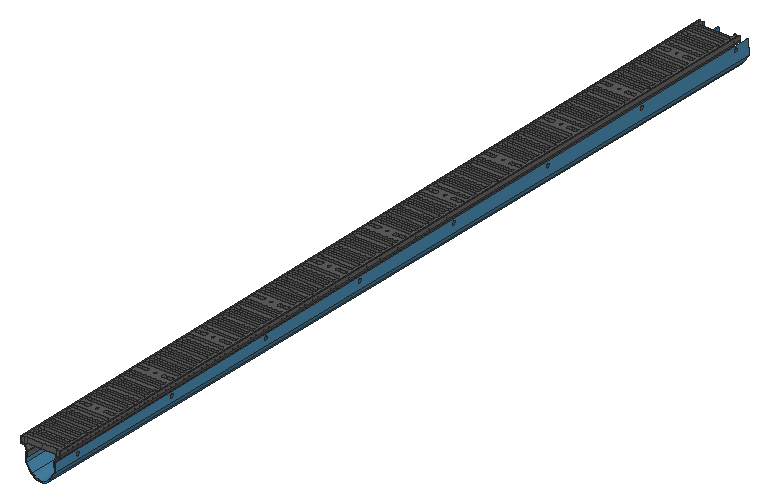
Revit family "Drain_Trench_Polymer_6-Inch_Wide_Reveal-Zurn-ZF806", category Plumbing Fixtures, Revit 2022 (continued)
Definition of nested family "Grate"
  Forms (in)
    Extrusion 114, void
      from 0 to 12
    Extrusion 115, void
      sketch origin (0, 114.69, 0) x (1, 0, 0) y (0, 1, 0)
        loop
          line (-2.18014, -34.89447) -> (2.18014, -34.89447)
          arc (2.18014, -34.89447) -> (2.47864, -34.59597) -> (2.18014, -34.29747) r 0.2985
          line (2.18014, -34.29747) -> (-2.18014, -34.29747)
          arc (-2.18014, -34.29747) -> (-2.47864, -34.59597) -> (-2.18014, -34.89447) r 0.2985
      from 0 to 12
    Extrusion 116, void
      sketch origin (0, 115.66, 0) x (1, 0, 0) y (0, 1, 0)
        loop
          line (-2.18014, -34.89447) -> (2.18014, -34.89447)
          arc (2.18014, -34.89447) -> (2.47864, -34.59597) -> (2.18014, -34.29747) r 0.2985
          line (2.18014, -34.29747) -> (-2.18014, -34.29747)
          arc (-2.18014, -34.29747) -> (-2.47864, -34.59597) -> (-2.18014, -34.89447) r 0.2985
      from 0 to 12
    Extrusion 117, void
      sketch origin (0, 116.63, 0) x (1, 0, 0) y (0, 1, 0)
        loop
          line (-2.18014, -34.89447) -> (2.18014, -34.89447)
          arc (2.18014, -34.89447) -> (2.47864, -34.59597) -> (2.18014, -34.29747) r 0.2985
          line (2.18014, -34.29747) -> (-2.18014, -34.29747)
          arc (-2.18014, -34.29747) -> (-2.47864, -34.59597) -> (-2.18014, -34.89447) r 0.2985
      from 0 to 12
    Extrusion 118, void
      sketch origin (0, 117.6, 0) x (1, 0, 0) y (0, 1, 0)
        loop
          line (-2.18014, -34.89447) -> (2.18014, -34.89447)
          arc (2.18014, -34.89447) -> (2.47864, -34.59597) -> (2.18014, -34.29747) r 0.2985
          line (2.18014, -34.29747) -> (-2.18014, -34.29747)
          arc (-2.18014, -34.29747) -> (-2.47864, -34.59597) -> (-2.18014, -34.89447) r 0.2985
      from 0 to 12
    Extrusion 119, void
      sketch origin (0, 118.57, 0) x (1, 0, 0) y (0, 1, 0)
        loop
          line (-2.18014, -34.89447) -> (2.18014, -34.89447)
          arc (2.18014, -34.89447) -> (2.47864, -34.59597) -> (2.18014, -34.29747) r 0.2985
          line (2.18014, -34.29747) -> (-2.18014, -34.29747)
          arc (-2.18014, -34.29747) -> (-2.47864, -34.59597) -> (-2.18014, -34.89447) r 0.2985
      from 0 to 12
  Cuts and joins
    Extrusion 2, Extrusion 3, Extrusion 4, Extrusion 5, Extrusion 6, Extrusion 7, Extrusion 8, Extrusion 9, Extrusion 10, Extrusion 11, Extrusion 13, Extrusion 14, Extrusion 15, Extrusion 16, Extrusion 17, Extrusion 18, Extrusion 19, Extrusion 20, Extrusion 21, Extrusion 22, Extrusion 23, Extrusion 24, Extrusion 25, Extrusion 26, Extrusion 27, Extrusion 28, Extrusion 29, Extrusion 30, Extrusion 31, Extrusion 32, Extrusion 33, Extrusion 34, Extrusion 35, Extrusion 36, Extrusion 37, Extrusion 38, Extrusion 39, Extrusion 40, Extrusion 41, Extrusion 42, Extrusion 43, Extrusion 44, Extrusion 45, Extrusion 46, Extrusion 47, Extrusion 48, Extrusion 49, Extrusion 50, Extrusion 51, Extrusion 52, Extrusion 53, Extrusion 54, Extrusion 55, Extrusion 56, Extrusion 57, Extrusion 58, Extrusion 59, Extrusion 60, Extrusion 61, Extrusion 62, Extrusion 63, Extrusion 64, Extrusion 65, Extrusion 66, Extrusion 67, Extrusion 68, Extrusion 69, Extrusion 70, Extrusion 71, Extrusion 72, Extrusion 73, Extrusion 74, Extrusion 75, Extrusion 76, Extrusion 77, Extrusion 78, Extrusion 79, Extrusion 80, Extrusion 81, Extrusion 82, Extrusion 83, Extrusion 84, Extrusion 85, Extrusion 86, Extrusion 87, Extrusion 88, Extrusion 89, Extrusion 90, Extrusion 91, Extrusion 92, Extrusion 93, Extrusion 94, Extrusion 95, Extrusion 96, Extrusion 97, Extrusion 98, Extrusion 99, Extrusion 100, Extrusion 101, Extrusion 102, Extrusion 103, Extrusion 104, Extrusion 105, Extrusion 106, Extrusion 107, Extrusion 108, Extrusion 109, Extrusion 110, Extrusion 111, Extrusion 112, Extrusion 113, Extrusion 114, Extrusion 115, Extrusion 116, Extrusion 117, Extrusion 118, Extrusion 119 cuts Extrusion 1
  Dimensions and locks (in)
    equal spacing: Extrusion 1 sketch curve, plane 3 "Center (Left/Right)", Extrusion 1 sketch curve
    locked: Extrusion 1 sketch curve to Extrusion 1 sketch curve at 5.362
    Extrusion 1 sketch curve to Extrusion 1 sketch curve = 0.298"
    plane 6 to plane 4 = 19.940"
    plane 7 to plane 4 = 9.970"
    plane 10 to plane 4 = 120.000"
    equal spacing: plane 10, plane 11, plane 4
    plane 11 to plane 4 = 60.000"
    locked: plane 12 to level at 0.75
    Extrusion 1 to Extrusion 2 sketch curve = 0.433"
    Extrusion 2 sketch curve to Extrusion 2 sketch curve = 0.597"
    Extrusion 3 sketch curve to Extrusion 3 sketch curve = 0.597"
    Extrusion 4 sketch curve to Extrusion 4 sketch curve = 0.597"
    Extrusion 5 sketch curve to Extrusion 5 sketch curve = 0.597"
    Extrusion 6 sketch curve to Extrusion 6 sketch curve = 0.597"
    Extrusion 7 sketch curve to Extrusion 7 sketch curve = 0.597"
    Extrusion 8 sketch curve to Extrusion 8 sketch curve = 0.597"
    Extrusion 9 sketch curve to Extrusion 9 sketch curve = 0.597"
    Extrusion 10 sketch curve to Extrusion 10 sketch curve = 0.597"
    Extrusion 11 sketch curve to cut or joined group 1 (Extrusion 1, Extrusion 2, Extrusion 3, Extrusion 4, Extrusion 5, Extrusion 6, Extrusion 7, Extrusion 8, Extrusion 9, Extrusion 10, Extrusion 11, Extrusion 13, Extrusion 14, Extrusion 15, Extrusion 16, Extrusion 17, Extrusion 18, Extrusion 19, Extrusion 20, Extrusion 21, Extrusion 22, Extrusion 23, Extrusion 24, Extrusion 25, Extrusion 26, Extrusion 27, Extrusion 28, Extrusion 29, Extrusion 30, Extrusion 31, Extrusion 32, Extrusion 33, Extrusion 34, Extrusion 35, Extrusion 36, Extrusion 37, Extrusion 38, Extrusion 39, Extrusion 40, Extrusion 41, Extrusion 42, Extrusion 43, Extrusion 44, Extrusion 45, Extrusion 46, Extrusion 47, Extrusion 48, Extrusion 49, Extrusion 50, Extrusion 51, Extrusion 52, Extrusion 53, Extrusion 54, Extrusion 55, Extrusion 56, Extrusion 57, Extrusion 58, Extrusion 59, Extrusion 60, Extrusion 61, Extrusion 62, Extrusion 63, Extrusion 64, Extrusion 65, Extrusion 66, Extrusion 67, Extrusion 68, Extrusion 69, Extrusion 70, Extrusion 71, Extrusion 72, Extrusion 73, Extrusion 74, Extrusion 75, Extrusion 76, Extrusion 77, Extrusion 78, Extrusion 79, Extrusion 80, Extrusion 81, Extrusion 82, Extrusion 83, Extrusion 84, Extrusion 85, Extrusion 86, Extrusion 87, Extrusion 88, Extrusion 89, Extrusion 90, Extrusion 91, Extrusion 92, Extrusion 93, Extrusion 94, Extrusion 95, Extrusion 96, Extrusion 97, Extrusion 98, Extrusion 99, Extrusion 100, Extrusion 101, Extrusion 102, Extrusion 103, Extrusion 104, Extrusion 105, Extrusion 106, Extrusion 107, Extrusion 108, Extrusion 109, Extrusion 110, Extrusion 111, Extrusion 112, Extrusion 113, Extrusion 114, Extrusion 115, Extrusion 116, Extrusion 117, Extrusion 118, Extrusion 119) = 0.703"
    Extrusion 11 sketch curve to Extrusion 11 sketch curve = 0.597"
    Extrusion 12 sketch curve to Extrusion 12 sketch curve = 0.597"
    Extrusion 13 sketch curve to Extrusion 13 sketch curve = 0.597"
    Extrusion 14 sketch curve to Extrusion 14 sketch curve = 0.597"
    equal spacing: group 3, group 4, group 5, group 6, group 7, group 8, group 9, group 10, group 11  (x3)
    Extrusion 15 sketch curve to Extrusion 15 sketch curve = 0.597"
    Extrusion 16 sketch curve to Extrusion 16 sketch curve = 0.597"
    Extrusion 17 sketch curve to Extrusion 17 sketch curve = 0.597"
    Extrusion 18 sketch curve to Extrusion 18 sketch curve = 0.597"
    Extrusion 19 sketch curve to Extrusion 19 sketch curve = 0.597"
    Extrusion 20 sketch curve to Extrusion 20 sketch curve = 0.597"
    Extrusion 21 sketch curve to Extrusion 21 sketch curve = 0.597"
    Extrusion 22 sketch curve to Extrusion 22 sketch curve = 0.597"
    Extrusion 23 sketch curve to Extrusion 23 sketch curve = 0.597"
    Extrusion 24 sketch curve to Extrusion 24 sketch curve = 0.597"
    equal spacing: group 13, group 14, group 15, group 16, group 17, group 18, group 19, group 20, group 21  (x3)
    Extrusion 25 sketch curve to Extrusion 25 sketch curve = 0.597"
    Extrusion 26 sketch curve to Extrusion 26 sketch curve = 0.597"
    Extrusion 27 sketch curve to Extrusion 27 sketch curve = 0.597"
    Extrusion 28 sketch curve to Extrusion 28 sketch curve = 0.597"
    Extrusion 29 sketch curve to Extrusion 29 sketch curve = 0.597"
    Extrusion 30 sketch curve to Extrusion 30 sketch curve = 0.597"
    Extrusion 31 sketch curve to Extrusion 31 sketch curve = 0.597"
    Extrusion 32 sketch curve to Extrusion 32 sketch curve = 0.597"
    Extrusion 33 sketch curve to Extrusion 33 sketch curve = 0.597"
    Extrusion 34 sketch curve to Extrusion 34 sketch curve = 0.597"
    equal spacing: group 23, group 24, group 25, group 26, group 27, group 28, group 29, group 30, group 31  (x3)
    Extrusion 35 sketch curve to Extrusion 35 sketch curve = 0.597"
    Extrusion 36 sketch curve to Extrusion 36 sketch curve = 0.597"
    Extrusion 37 sketch curve to Extrusion 37 sketch curve = 0.597"
    Extrusion 38 sketch curve to Extrusion 38 sketch curve = 0.597"
    Extrusion 39 sketch curve to Extrusion 39 sketch curve = 0.597"
    Extrusion 40 sketch curve to Extrusion 40 sketch curve = 0.597"
    Extrusion 41 sketch curve to Extrusion 41 sketch curve = 0.597"
    Extrusion 42 sketch curve to Extrusion 42 sketch curve = 0.597"
    Extrusion 43 sketch curve to Extrusion 43 sketch curve = 0.597"
    Extrusion 44 sketch curve to Extrusion 44 sketch curve = 0.597"
    equal spacing: group 33, group 34, group 35, group 36, group 37, group 38, group 39, group 40, group 41  (x3)
    Extrusion 45 sketch curve to Extrusion 45 sketch curve = 0.597"
    Extrusion 46 sketch curve to Extrusion 46 sketch curve = 0.597"
    Extrusion 47 sketch curve to Extrusion 47 sketch curve = 0.597"
    Extrusion 48 sketch curve to Extrusion 48 sketch curve = 0.597"
    Extrusion 49 sketch curve to Extrusion 49 sketch curve = 0.597"
    Extrusion 50 sketch curve to Extrusion 50 sketch curve = 0.597"
    Extrusion 51 sketch curve to Extrusion 51 sketch curve = 0.597"
    Extrusion 52 sketch curve to Extrusion 52 sketch curve = 0.597"
    Extrusion 53 sketch curve to Extrusion 53 sketch curve = 0.597"
    Extrusion 54 sketch curve to Extrusion 54 sketch curve = 0.597"
    equal spacing: group 43, group 44, group 45, group 46, group 47, group 48, group 49, group 50, group 51  (x3)
    Extrusion 55 sketch curve to Extrusion 55 sketch curve = 0.597"
    Extrusion 56 sketch curve to Extrusion 56 sketch curve = 0.597"
    Extrusion 57 sketch curve to Extrusion 57 sketch curve = 0.597"
    Extrusion 58 sketch curve to Extrusion 58 sketch curve = 0.597"
    Extrusion 59 sketch curve to Extrusion 59 sketch curve = 0.597"
    Extrusion 60 sketch curve to Extrusion 60 sketch curve = 0.597"
    Extrusion 61 sketch curve to Extrusion 61 sketch curve = 0.597"
    Extrusion 62 sketch curve to Extrusion 62 sketch curve = 0.597"
    Extrusion 63 sketch curve to Extrusion 63 sketch curve = 0.597"
    Extrusion 64 sketch curve to Extrusion 64 sketch curve = 0.597"
    equal spacing: group 53, group 54, group 55, group 56, group 57, group 58, group 59, group 60, group 61  (x3)
    Extrusion 65 sketch curve to Extrusion 65 sketch curve = 0.597"
    Extrusion 66 sketch curve to Extrusion 66 sketch curve = 0.597"
    Extrusion 67 sketch curve to Extrusion 67 sketch curve = 0.597"
    Extrusion 68 sketch curve to Extrusion 68 sketch curve = 0.597"
    Extrusion 69 sketch curve to Extrusion 69 sketch curve = 0.597"
    Extrusion 70 sketch curve to Extrusion 70 sketch curve = 0.597"
    Extrusion 71 sketch curve to Extrusion 71 sketch curve = 0.597"
    Extrusion 72 sketch curve to Extrusion 72 sketch curve = 0.597"
    Extrusion 73 sketch curve to Extrusion 73 sketch curve = 0.597"
    Extrusion 74 sketch curve to Extrusion 74 sketch curve = 0.597"
    equal spacing: group 62, group 63, group 64, group 65, group 66, group 67, group 68, group 69, group 70  (x3)
    Extrusion 75 sketch curve to Extrusion 75 sketch curve = 0.597"
    Extrusion 76 sketch curve to Extrusion 76 sketch curve = 0.597"
    Extrusion 77 sketch curve to Extrusion 77 sketch curve = 0.597"
    Extrusion 78 sketch curve to Extrusion 78 sketch curve = 0.597"
    Extrusion 79 sketch curve to Extrusion 79 sketch curve = 0.597"
    Extrusion 80 sketch curve to Extrusion 80 sketch curve = 0.597"
    Extrusion 81 sketch curve to Extrusion 81 sketch curve = 0.597"
    cut or joined group 1 to cut or joined group 1 = 5.362"
    Extrusion 82 sketch curve to Extrusion 82 sketch curve = 0.597"
    Extrusion 83 sketch curve to Extrusion 83 sketch curve = 0.597"
    Extrusion 84 sketch curve to Extrusion 84 sketch curve = 0.597"
    equal spacing: group 71, group 72, group 73, group 74, group 75, group 76, group 77, group 78, group 79  (x3)
    Extrusion 85 sketch curve to Extrusion 85 sketch curve = 0.597"
    Extrusion 86 sketch curve to Extrusion 86 sketch curve = 0.597"
    Extrusion 87 sketch curve to Extrusion 87 sketch curve = 0.597"
    Extrusion 88 sketch curve to Extrusion 88 sketch curve = 0.597"
    Extrusion 89 sketch curve to Extrusion 89 sketch curve = 0.597"
    Extrusion 90 sketch curve to Extrusion 90 sketch curve = 0.597"
    Extrusion 91 sketch curve to Extrusion 91 sketch curve = 0.597"
    Extrusion 92 sketch curve to Extrusion 92 sketch curve = 0.597"
    Extrusion 93 sketch curve to Extrusion 93 sketch curve = 0.597"
    Extrusion 94 sketch curve to Extrusion 94 sketch curve = 0.597"
    equal spacing: group 81, group 82, group 83, group 84, group 85, group 86, group 87, group 88, group 89  (x3)
    Extrusion 95 sketch curve to Extrusion 95 sketch curve = 0.597"
    Extrusion 96 sketch curve to Extrusion 96 sketch curve = 0.597"
    Extrusion 97 sketch curve to Extrusion 97 sketch curve = 0.597"
    Extrusion 98 sketch curve to Extrusion 98 sketch curve = 0.597"
    Extrusion 99 sketch curve to Extrusion 99 sketch curve = 0.597"
    Extrusion 100 sketch curve to Extrusion 100 sketch curve = 0.597"
    Extrusion 101 sketch curve to Extrusion 101 sketch curve = 0.597"
    Extrusion 102 sketch curve to Extrusion 102 sketch curve = 0.597"
    Extrusion 103 sketch curve to Extrusion 103 sketch curve = 0.597"
    Extrusion 104 sketch curve to Extrusion 104 sketch curve = 0.597"
    equal spacing: group 91, group 92, group 93, group 94, group 95, group 96, group 97, group 98, group 99  (x3)
    Extrusion 105 sketch curve to Extrusion 105 sketch curve = 0.597"
    Extrusion 106 sketch curve to Extrusion 106 sketch curve = 0.597"
    Extrusion 107 sketch curve to Extrusion 107 sketch curve = 0.597"
    Extrusion 108 sketch curve to Extrusion 108 sketch curve = 0.597"
    Extrusion 109 sketch curve to Extrusion 109 sketch curve = 0.597"
    Extrusion 110 sketch curve to Extrusion 110 sketch curve = 0.597"
    Extrusion 111 sketch curve to Extrusion 111 sketch curve = 0.597"
    Extrusion 112 sketch curve to Extrusion 112 sketch curve = 0.597"
    Extrusion 113 sketch curve to Extrusion 113 sketch curve = 0.597"
    Extrusion 114 sketch curve to Extrusion 114 sketch curve = 0.597"
    Extrusion 115 sketch curve to Extrusion 115 sketch curve = 0.597"
    Extrusion 116 sketch curve to Extrusion 116 sketch curve = 0.597"
    Extrusion 117 sketch curve to Extrusion 117 sketch curve = 0.597"
    Extrusion 118 sketch curve to Extrusion 118 sketch curve = 0.597"
    Extrusion 119 sketch curve to Extrusion 119 sketch curve = 0.597"
    plane 358 to plane 357 = 120.000"
    aligned and locked: plane 2 to level
    aligned and locked: Extrusion 1 sketch curve to plane 4
    aligned and locked: plane 10 to Extrusion 1 sketch curve  (x2)
    aligned and locked: plane 12 to Extrusion 1
    aligned and locked: plane 13 to Extrusion 2 sketch curve
    aligned and locked: plane 14 to Extrusion 2 sketch curve
    aligned and locked: plane 16 to Extrusion 3 sketch curve
    aligned and locked: plane 17 to Extrusion 3 sketch curve
    aligned and locked: plane 19 to Extrusion 4 sketch curve
    aligned and locked: plane 20 to Extrusion 4 sketch curve
    aligned and locked: plane 22 to Extrusion 5 sketch curve
    aligned and locked: plane 23 to Extrusion 5 sketch curve
    aligned and locked: plane 25 to Extrusion 6 sketch curve
    aligned and locked: plane 26 to Extrusion 6 sketch curve
    aligned and locked: plane 28 to Extrusion 7 sketch curve
    aligned and locked: plane 29 to Extrusion 7 sketch curve
    aligned and locked: plane 31 to Extrusion 8 sketch curve
    aligned and locked: plane 32 to Extrusion 8 sketch curve
    aligned and locked: plane 34 to Extrusion 9 sketch curve
    aligned and locked: plane 35 to Extrusion 9 sketch curve
    aligned and locked: plane 37 to Extrusion 10 sketch curve
    aligned and locked: plane 38 to Extrusion 10 sketch curve
    aligned and locked: plane 40 to Extrusion 11 sketch curve
    aligned and locked: plane 42 to Extrusion 12 sketch curve
    aligned and locked: plane 43 to Extrusion 12 sketch curve
    aligned and locked: plane 45 to Extrusion 13 sketch curve
    aligned and locked: plane 46 to Extrusion 13 sketch curve
    aligned and locked: plane 48 to Extrusion 14 sketch curve
    aligned and locked: plane 49 to Extrusion 14 sketch curve
    aligned and locked: plane 51 to Extrusion 15 sketch curve
    aligned and locked: plane 52 to Extrusion 15 sketch curve
    aligned and locked: plane 54 to Extrusion 16 sketch curve
    aligned and locked: plane 55 to Extrusion 16 sketch curve
    aligned and locked: plane 57 to Extrusion 17 sketch curve
    aligned and locked: plane 58 to Extrusion 17 sketch curve
    aligned and locked: plane 60 to Extrusion 18 sketch curve
    aligned and locked: plane 61 to Extrusion 18 sketch curve
    aligned and locked: plane 63 to Extrusion 19 sketch curve
    aligned and locked: plane 64 to Extrusion 19 sketch curve
    aligned and locked: plane 66 to Extrusion 20 sketch curve
    aligned and locked: plane 67 to Extrusion 20 sketch curve
    aligned and locked: plane 69 to Extrusion 21 sketch curve
    aligned and locked: plane 70 to Extrusion 21 sketch curve
    aligned and locked: plane 72 to Extrusion 22 sketch curve
    aligned and locked: plane 74 to Extrusion 23 sketch curve
    aligned and locked: plane 75 to Extrusion 23 sketch curve
    aligned and locked: plane 77 to Extrusion 24 sketch curve
    aligned and locked: plane 78 to Extrusion 24 sketch curve
    aligned and locked: plane 80 to Extrusion 25 sketch curve
    aligned and locked: plane 81 to Extrusion 25 sketch curve
    aligned and locked: plane 83 to Extrusion 26 sketch curve
    aligned and locked: plane 84 to Extrusion 26 sketch curve
    aligned and locked: plane 86 to Extrusion 27 sketch curve
    aligned and locked: plane 87 to Extrusion 27 sketch curve
    aligned and locked: plane 89 to Extrusion 28 sketch curve
    aligned and locked: plane 90 to Extrusion 28 sketch curve
    aligned and locked: plane 92 to Extrusion 29 sketch curve
    aligned and locked: plane 93 to Extrusion 29 sketch curve
    aligned and locked: plane 95 to Extrusion 30 sketch curve
    aligned and locked: plane 96 to Extrusion 30 sketch curve
    aligned and locked: plane 98 to Extrusion 31 sketch curve
    aligned and locked: plane 99 to Extrusion 31 sketch curve
    aligned and locked: plane 101 to Extrusion 32 sketch curve
    aligned and locked: plane 103 to Extrusion 33 sketch curve
    aligned and locked: plane 104 to Extrusion 33 sketch curve
    aligned and locked: plane 106 to Extrusion 34 sketch curve
    aligned and locked: plane 107 to Extrusion 34 sketch curve
    aligned and locked: plane 109 to Extrusion 35 sketch curve
    aligned and locked: plane 110 to Extrusion 35 sketch curve
    aligned and locked: plane 112 to Extrusion 36 sketch curve
    aligned and locked: plane 113 to Extrusion 36 sketch curve
    aligned and locked: plane 115 to Extrusion 37 sketch curve
    aligned and locked: plane 116 to Extrusion 37 sketch curve
    aligned and locked: plane 118 to Extrusion 38 sketch curve
    aligned and locked: plane 119 to Extrusion 38 sketch curve
    aligned and locked: plane 121 to Extrusion 39 sketch curve
    aligned and locked: plane 122 to Extrusion 39 sketch curve
    aligned and locked: plane 124 to Extrusion 40 sketch curve
    aligned and locked: plane 125 to Extrusion 40 sketch curve
    aligned and locked: plane 127 to Extrusion 41 sketch curve
    aligned and locked: plane 128 to Extrusion 41 sketch curve
    aligned and locked: plane 130 to Extrusion 42 sketch curve
    aligned and locked: plane 132 to Extrusion 43 sketch curve
    aligned and locked: plane 133 to Extrusion 43 sketch curve
    aligned and locked: plane 135 to Extrusion 44 sketch curve
    aligned and locked: plane 136 to Extrusion 44 sketch curve
    aligned and locked: plane 138 to Extrusion 45 sketch curve
    aligned and locked: plane 139 to Extrusion 45 sketch curve
    aligned and locked: plane 141 to Extrusion 46 sketch curve
    aligned and locked: plane 142 to Extrusion 46 sketch curve
    aligned and locked: plane 144 to Extrusion 47 sketch curve
    aligned and locked: plane 145 to Extrusion 47 sketch curve
    aligned and locked: plane 147 to Extrusion 48 sketch curve
    aligned and locked: plane 148 to Extrusion 48 sketch curve
    aligned and locked: plane 150 to Extrusion 49 sketch curve
    aligned and locked: plane 151 to Extrusion 49 sketch curve
    aligned and locked: plane 153 to Extrusion 50 sketch curve
    aligned and locked: plane 154 to Extrusion 50 sketch curve
    aligned and locked: plane 156 to Extrusion 51 sketch curve
    aligned and locked: plane 157 to Extrusion 51 sketch curve
    aligned and locked: plane 159 to Extrusion 52 sketch curve
    aligned and locked: plane 161 to Extrusion 53 sketch curve
    aligned and locked: plane 162 to Extrusion 53 sketch curve
    aligned and locked: plane 164 to Extrusion 54 sketch curve
    aligned and locked: plane 165 to Extrusion 54 sketch curve
    aligned and locked: plane 167 to Extrusion 55 sketch curve
    aligned and locked: plane 168 to Extrusion 55 sketch curve
    aligned and locked: plane 170 to Extrusion 56 sketch curve
    aligned and locked: plane 171 to Extrusion 56 sketch curve
    aligned and locked: plane 173 to Extrusion 57 sketch curve
    aligned and locked: plane 174 to Extrusion 57 sketch curve
    aligned and locked: plane 176 to Extrusion 58 sketch curve
    aligned and locked: plane 177 to Extrusion 58 sketch curve
    aligned and locked: plane 179 to Extrusion 59 sketch curve
    aligned and locked: plane 180 to Extrusion 59 sketch curve
    aligned and locked: plane 182 to Extrusion 60 sketch curve
    aligned and locked: plane 183 to Extrusion 60 sketch curve
    aligned and locked: plane 185 to Extrusion 61 sketch curve
    aligned and locked: plane 186 to Extrusion 61 sketch curve
    aligned and locked: plane 188 to Extrusion 62 sketch curve
    aligned and locked: plane 190 to Extrusion 63 sketch curve
    aligned and locked: plane 191 to Extrusion 63 sketch curve
    aligned and locked: plane 193 to Extrusion 64 sketch curve
    aligned and locked: plane 194 to Extrusion 64 sketch curve
    aligned and locked: plane 196 to Extrusion 65 sketch curve
    aligned and locked: plane 197 to Extrusion 65 sketch curve
    aligned and locked: plane 199 to Extrusion 66 sketch curve
    aligned and locked: plane 200 to Extrusion 66 sketch curve
    aligned and locked: plane 202 to Extrusion 67 sketch curve
    aligned and locked: plane 203 to Extrusion 67 sketch curve
    aligned and locked: plane 205 to Extrusion 68 sketch curve
    aligned and locked: plane 206 to Extrusion 68 sketch curve
    aligned and locked: plane 208 to Extrusion 69 sketch curve
    aligned and locked: plane 209 to Extrusion 69 sketch curve
    aligned and locked: plane 211 to Extrusion 70 sketch curve
    aligned and locked: plane 212 to Extrusion 70 sketch curve
    aligned and locked: plane 214 to Extrusion 71 sketch curve
    aligned and locked: plane 215 to Extrusion 71 sketch curve
    aligned and locked: plane 217 to Extrusion 72 sketch curve
    aligned and locked: plane 219 to Extrusion 73 sketch curve
    aligned and locked: plane 220 to Extrusion 73 sketch curve
    aligned and locked: plane 222 to Extrusion 74 sketch curve
    aligned and locked: plane 223 to Extrusion 74 sketch curve
    aligned and locked: plane 225 to Extrusion 75 sketch curve
    aligned and locked: plane 226 to Extrusion 75 sketch curve
    aligned and locked: plane 228 to Extrusion 76 sketch curve
    aligned and locked: plane 229 to Extrusion 76 sketch curve
    aligned and locked: plane 231 to Extrusion 77 sketch curve
    aligned and locked: plane 232 to Extrusion 77 sketch curve
    aligned and locked: plane 234 to Extrusion 78 sketch curve
    aligned and locked: plane 235 to Extrusion 78 sketch curve
    aligned and locked: plane 237 to Extrusion 79 sketch curve
    aligned and locked: plane 238 to Extrusion 79 sketch curve
    aligned and locked: plane 240 to Extrusion 80 sketch curve
    aligned and locked: plane 241 to Extrusion 80 sketch curve
    aligned and locked: plane 243 to Extrusion 81 sketch curve
    aligned and locked: plane 244 to Extrusion 81 sketch curve
    aligned and locked: plane 247 to Extrusion 82 sketch curve
    aligned and locked: plane 249 to Extrusion 83 sketch curve
    aligned and locked: plane 250 to Extrusion 83 sketch curve
    aligned and locked: plane 252 to Extrusion 84 sketch curve
    aligned and locked: plane 253 to Extrusion 84 sketch curve
    aligned and locked: plane 255 to Extrusion 85 sketch curve
    aligned and locked: plane 256 to Extrusion 85 sketch curve
    aligned and locked: plane 258 to Extrusion 86 sketch curve
    aligned and locked: plane 259 to Extrusion 86 sketch curve
    aligned and locked: plane 261 to Extrusion 87 sketch curve
    aligned and locked: plane 262 to Extrusion 87 sketch curve
    aligned and locked: plane 264 to Extrusion 88 sketch curve
    aligned and locked: plane 265 to Extrusion 88 sketch curve
    aligned and locked: plane 267 to Extrusion 89 sketch curve
    aligned and locked: plane 268 to Extrusion 89 sketch curve
    aligned and locked: plane 270 to Extrusion 90 sketch curve
    aligned and locked: plane 271 to Extrusion 90 sketch curve
    aligned and locked: plane 273 to Extrusion 91 sketch curve
    aligned and locked: plane 274 to Extrusion 91 sketch curve
    aligned and locked: plane 276 to Extrusion 92 sketch curve
    aligned and locked: plane 278 to Extrusion 93 sketch curve
    aligned and locked: plane 279 to Extrusion 93 sketch curve
    aligned and locked: plane 281 to Extrusion 94 sketch curve
    aligned and locked: plane 282 to Extrusion 94 sketch curve
    aligned and locked: plane 284 to Extrusion 95 sketch curve
    aligned and locked: plane 285 to Extrusion 95 sketch curve
    aligned and locked: plane 287 to Extrusion 96 sketch curve
    aligned and locked: plane 288 to Extrusion 96 sketch curve
    aligned and locked: plane 290 to Extrusion 97 sketch curve
    aligned and locked: plane 291 to Extrusion 97 sketch curve
    aligned and locked: plane 293 to Extrusion 98 sketch curve
    aligned and locked: plane 294 to Extrusion 98 sketch curve
    aligned and locked: plane 296 to Extrusion 99 sketch curve
    aligned and locked: plane 297 to Extrusion 99 sketch curve
    aligned and locked: plane 299 to Extrusion 100 sketch curve
    aligned and locked: plane 300 to Extrusion 100 sketch curve
    aligned and locked: plane 302 to Extrusion 101 sketch curve
    aligned and locked: plane 303 to Extrusion 101 sketch curve
    aligned and locked: plane 305 to Extrusion 102 sketch curve
    aligned and locked: plane 307 to Extrusion 103 sketch curve
    aligned and locked: plane 308 to Extrusion 103 sketch curve
    aligned and locked: plane 310 to Extrusion 104 sketch curve
    aligned and locked: plane 311 to Extrusion 104 sketch curve
    aligned and locked: plane 313 to Extrusion 105 sketch curve
    aligned and locked: plane 314 to Extrusion 105 sketch curve
    aligned and locked: plane 316 to Extrusion 106 sketch curve
    aligned and locked: plane 317 to Extrusion 106 sketch curve
    aligned and locked: plane 319 to Extrusion 107 sketch curve
    aligned and locked: plane 320 to Extrusion 107 sketch curve
    aligned and locked: plane 322 to Extrusion 108 sketch curve
    aligned and locked: plane 323 to Extrusion 108 sketch curve
    aligned and locked: plane 325 to Extrusion 109 sketch curve
    aligned and locked: plane 326 to Extrusion 109 sketch curve
    aligned and locked: plane 328 to Extrusion 110 sketch curve
    aligned and locked: plane 329 to Extrusion 110 sketch curve
    aligned and locked: plane 331 to Extrusion 111 sketch curve
    aligned and locked: plane 332 to Extrusion 111 sketch curve
    aligned and locked: plane 334 to Extrusion 112 sketch curve
    aligned and locked: plane 336 to Extrusion 113 sketch curve
    aligned and locked: plane 337 to Extrusion 113 sketch curve
    aligned and locked: plane 339 to Extrusion 114 sketch curve
    aligned and locked: plane 340 to Extrusion 114 sketch curve
    aligned and locked: plane 342 to Extrusion 115 sketch curve
    aligned and locked: plane 343 to Extrusion 115 sketch curve
    aligned and locked: plane 345 to Extrusion 116 sketch curve
    aligned and locked: plane 346 to Extrusion 116 sketch curve
    aligned and locked: plane 348 to Extrusion 117 sketch curve
    aligned and locked: plane 349 to Extrusion 117 sketch curve
    aligned and locked: plane 351 to Extrusion 118 sketch curve
    aligned and locked: plane 352 to Extrusion 118 sketch curve
    aligned and locked: plane 354 to Extrusion 119 sketch curve
    aligned and locked: plane 355 to Extrusion 119 sketch curve
  Automatic sketch dimensions
    Extrusion 22 sketch curve to plane 73 = 0.000"
    Extrusion 22 sketch curve to Extrusion 22 sketch curve = 0.954"  (x2)
    Extrusion 22 sketch curve to Extrusion 22 sketch curve = 0.000"  (x2)
    Extrusion 22 sketch curve to Extrusion 22 sketch curve = 0.2985"
    Extrusion 22 sketch curve to Extrusion 22 sketch curve = 1.22614"
    Extrusion 32 sketch curve to plane 102 = 0.000"
    Extrusion 32 sketch curve to Extrusion 32 sketch curve = 0.954"  (x2)
    Extrusion 32 sketch curve to Extrusion 32 sketch curve = 0.000"  (x2)
    Extrusion 32 sketch curve to Extrusion 32 sketch curve = 0.2985"
    Extrusion 32 sketch curve to Extrusion 32 sketch curve = 1.22614"
    Extrusion 42 sketch curve to plane 131 = 0.000"
    Extrusion 42 sketch curve to Extrusion 42 sketch curve = 0.954"  (x2)
    Extrusion 42 sketch curve to Extrusion 42 sketch curve = 0.000"  (x2)
    Extrusion 42 sketch curve to Extrusion 42 sketch curve = 0.2985"
    Extrusion 42 sketch curve to Extrusion 42 sketch curve = 1.22614"
    Extrusion 52 sketch curve to plane 160 = 0.000"
    Extrusion 52 sketch curve to Extrusion 52 sketch curve = 0.954"  (x2)
    Extrusion 52 sketch curve to Extrusion 52 sketch curve = 0.000"  (x2)
    Extrusion 52 sketch curve to Extrusion 52 sketch curve = 0.2985"
    Extrusion 52 sketch curve to Extrusion 52 sketch curve = 1.22614"
    Extrusion 62 sketch curve to plane 189 = 0.000"
    Extrusion 62 sketch curve to Extrusion 62 sketch curve = 0.954"  (x2)
    Extrusion 62 sketch curve to Extrusion 62 sketch curve = 0.000"  (x2)
    Extrusion 62 sketch curve to Extrusion 62 sketch curve = 0.2985"
    Extrusion 62 sketch curve to Extrusion 62 sketch curve = 1.22614"
    Extrusion 3 sketch curve to plane 18 = 0.000"
    Extrusion 4 sketch curve to plane 21 = 0.000"
    Extrusion 5 sketch curve to plane 24 = 0.000"
    Extrusion 6 sketch curve to plane 27 = 0.000"
    Extrusion 7 sketch curve to plane 30 = 0.000"
    Extrusion 8 sketch curve to plane 33 = 0.000"
    Extrusion 9 sketch curve to plane 36 = 0.000"
    Extrusion 72 sketch curve to plane 3 "Center (Left/Right)" = 0.000"
    Extrusion 72 sketch curve to plane 218 = 0.000"
    Extrusion 72 sketch curve to Extrusion 72 sketch curve = 0.954"  (x2)
    Extrusion 72 sketch curve to plane 1 "Center (Front/Back)" = 35.66553"
    Extrusion 72 sketch curve to Extrusion 72 sketch curve = 0.000"  (x2)
    Extrusion 72 sketch curve to Extrusion 72 sketch curve = 0.2985"
    Extrusion 82 sketch curve to plane 3 "Center (Left/Right)" = 0.000"
    Extrusion 82 sketch curve to plane 248 = 0.000"
    Extrusion 82 sketch curve to Extrusion 82 sketch curve = 0.954"  (x2)
    Extrusion 82 sketch curve to plane 1 "Center (Front/Back)" = 45.91553"
    Extrusion 82 sketch curve to Extrusion 82 sketch curve = 0.000"  (x2)
    Extrusion 82 sketch curve to Extrusion 82 sketch curve = 0.2985"
    Extrusion 92 sketch curve to plane 277 = 0.000"
    Extrusion 92 sketch curve to Extrusion 92 sketch curve = 0.954"  (x2)
    Extrusion 92 sketch curve to Extrusion 92 sketch curve = 0.000"  (x2)
    Extrusion 92 sketch curve to Extrusion 92 sketch curve = 0.2985"
    Extrusion 92 sketch curve to Extrusion 92 sketch curve = 1.22614"
    Extrusion 102 sketch curve to plane 306 = 0.000"
    Extrusion 102 sketch curve to Extrusion 102 sketch curve = 0.954"  (x2)
    Extrusion 102 sketch curve to Extrusion 102 sketch curve = 0.000"  (x2)
    Extrusion 102 sketch curve to Extrusion 102 sketch curve = 0.2985"
    Extrusion 102 sketch curve to Extrusion 102 sketch curve = 1.22614"
    Extrusion 112 sketch curve to plane 335 = 0.000"
    Extrusion 112 sketch curve to Extrusion 112 sketch curve = 0.954"  (x2)
    Extrusion 112 sketch curve to Extrusion 112 sketch curve = 0.000"  (x2)
    Extrusion 112 sketch curve to Extrusion 112 sketch curve = 0.2985"
    Extrusion 112 sketch curve to Extrusion 112 sketch curve = 1.22614"
    Extrusion 11 sketch curve to plane 3 "Center (Left/Right)" = 0.000"
    Extrusion 11 sketch curve to plane 41 = 0.000"
    Extrusion 11 sketch curve to Extrusion 11 sketch curve = 0.954"  (x2)
    Extrusion 11 sketch curve to Extrusion 11 sketch curve = 0.000"  (x2)
    Extrusion 11 sketch curve to Extrusion 11 sketch curve = 0.2985"
    Extrusion 119 sketch curve to plane 356 = 0.000"
    Extrusion 1 sketch curve to plane 9 = 0.000"  (x2)
    Extrusion 1 sketch curve to plane 5 = 0.000"
    Extrusion 1 sketch curve to plane 3 "Center (Left/Right)" = 0.000"  (x2)
    Extrusion 1 sketch curve to plane 8 = 0.000"  (x2)
    Extrusion 1 sketch curve to plane 4 = 0.000"
    Extrusion 1 sketch curve to Extrusion 1 sketch curve = 0.13886"
    plane 4 to Extrusion 1 sketch curve = 0.01374"  (x2)
    plane 8 to Extrusion 1 sketch curve = 0.15482"
    Extrusion 1 sketch curve to plane 10 = 0.26367"
    radius of Extrusion 22 sketch curve = 0.171"
    radius of Extrusion 32 sketch curve = 0.171"
    radius of Extrusion 42 sketch curve = 0.171"
    radius of Extrusion 52 sketch curve = 0.171"
    radius of Extrusion 62 sketch curve = 0.171"
    radius of Extrusion 72 sketch curve = 0.171"
    radius of Extrusion 82 sketch curve = 0.171"
    radius of Extrusion 92 sketch curve = 0.171"
    radius of Extrusion 102 sketch curve = 0.171"
    radius of Extrusion 112 sketch curve = 0.171"
    radius of Extrusion 11 sketch curve = 0.171"
Types in the file's own list only (36): name | Width | Type Comments | Shallow Invert Height | Overlap length | Model | Inside Width | Hardware Material | Grate Material | Frame Material | Flow | Default Elevation | Deep Invert Height | Channel length
  ZF806-120 x 4.75 x 5.65 (1002) | 5.781 " | "ZF806-120 x 4.75 x 5.65 (1002)" | 4.750 " | 122.500 " | "ZF806" | 4.000 " | Ductile Iron-Zurn-Polished | Ductile Iron-Zurn-Polished | Ductile Iron-Zurn-Polished | 146 GPM | 1.000 " | 5.650 " | 120.000 "
  ZF806-120 x 5.65 x 5.65 (1002N) | 5.781 " | "ZF806-120 x 5.65 x 5.65 (1002N)" | 5.650 " | 122.500 " | "ZF806" | 4.000 " | Ductile Iron-Zurn-Polished | Ductile Iron-Zurn-Polished | Ductile Iron-Zurn-Polished | 146 GPM | 1.000 " | 5.650 " | 120.000 "
  ZF806-120 x 5.65 x 6.55 (1003) | 5.781 " | "ZF806-120 x 5.65 x 6.55 (1003)" | 5.650 " | 122.500 " | "ZF806" | 4.000 " | Ductile Iron-Zurn-Polished | Ductile Iron-Zurn-Polished | Ductile Iron-Zurn-Polished | 192 GPM | 1.000 " | 6.550 " | 120.000 "
  ZF806-120 x 6.55 x 7.45 (1004) | 5.781 " | "ZF806-120 x 6.55 x 7.45 (1004)" | 6.550 " | 122.500 " | "ZF806" | 4.000 " | Ductile Iron-Zurn-Polished | Ductile Iron-Zurn-Polished | Ductile Iron-Zurn-Polished | 238 GPM | 1.000 " | 7.450 " | 120.000 "
  ZF806-120 x 7.45 x 7.45(1004N) | 5.781 " | "ZF806-120 x 7.45 x 7.45(1004N)" | 7.450 " | 122.500 " | "ZF806" | 4.000 " | Ductile Iron-Zurn-Polished | Ductile Iron-Zurn-Polished | Ductile Iron-Zurn-Polished | 238 GPM | 1.000 " | 7.450 " | 120.000 "
  ZF806-120 x 7.45 x 8.35 (1005) | 5.781 " | "ZF806-120 x 7.45 x 8.35 (1005)" | 7.450 " | 122.500 " | "ZF806" | 4.000 " | Ductile Iron-Zurn-Polished | Ductile Iron-Zurn-Polished | Ductile Iron-Zurn-Polished | 285 GPM | 1.000 " | 8.350 " | 120.000 "
  ZF806-120 x 8.35 x 9.25 (1006) | 5.781 " | "ZF806-120 x 8.35 x 9.25 (1006)" | 8.350 " | 122.500 " | "ZF806" | 4.000 " | Ductile Iron-Zurn-Polished | Ductile Iron-Zurn-Polished | Ductile Iron-Zurn-Polished | 332 GPM | 1.000 " | 9.250 " | 120.000 "
  ZF806-120 x 9.25 x 10.15 (1007) | 5.781 " | "ZF806-120 x 9.25 x 10.15 (1007)" | 9.250 " | 122.500 " | "ZF806" | 4.000 " | Ductile Iron-Zurn-Polished | Ductile Iron-Zurn-Polished | Ductile Iron-Zurn-Polished | 379 GPM | 1.000 " | 10.150 " | 120.000 "
  ZF806-120 x 10.15 x 11.05 (1008) | 5.781 " | "ZF806-120 x 10.15 x 11.05 (1008)" | 10.150 " | 122.500 " | "ZF806" | 4.000 " | Ductile Iron-Zurn-Polished | Ductile Iron-Zurn-Polished | Ductile Iron-Zurn-Polished | 427 GPM | 1.000 " | 11.050 " | 120.000 "
  ZF806-120 x 11.05 x 11.05 (1008N) | 5.781 " | "ZF806-120 x 11.05 x 11.05 (1008N)" | 11.050 " | 122.500 " | "ZF806" | 4.000 " | Ductile Iron-Zurn-Polished | Ductile Iron-Zurn-Polished | Ductile Iron-Zurn-Polished | 427 GPM | 1.000 " | 11.050 " | 120.000 "
  ZF806-120 x 11.05 x 11.95 (1009) | 5.781 " | "ZF806-120 x 11.05 x 11.95 (1009)" | 11.050 " | 122.500 " | "ZF806" | 4.000 " | Ductile Iron-Zurn-Polished | Ductile Iron-Zurn-Polished | Ductile Iron-Zurn-Polished | 475 GPM | 1.000 " | 11.950 " | 120.000 "
  ZF806-120 x 11.95 x 12.85 (1010) | 5.781 " | "ZF806-120 x 11.95 x 12.85 (1010)" | 11.950 " | 122.500 " | "ZF806" | 4.000 " | Ductile Iron-Zurn-Polished | Ductile Iron-Zurn-Polished | Ductile Iron-Zurn-Polished | 523 GPM | 1.000 " | 12.850 " | 120.000 "
  ZF806-HDG-120 x 4.75 x 5.65 (1002) | 5.781 " | "ZF806-HDG-120 x 4.75 x 5.65 (1002)" | 4.750 " | 122.500 " | "ZF806-HDG" | 4.000 " | Galvanized Ductile -Zurn-Polished | Galvanized Ductile -Zurn-Polished | Galvanized Ductile -Zurn-Polished | 146 GPM | 1.000 " | 5.650 " | 120.000 "
  ZF806-HDG-120 x 5.65 x 5.65 (1002N) | 5.781 " | "ZF806-HDG-120 x 5.65 x 5.65 (1002N)" | 5.650 " | 122.500 " | "ZF806-HDG" | 4.000 " | Galvanized Ductile -Zurn-Polished | Galvanized Ductile -Zurn-Polished | Galvanized Ductile -Zurn-Polished | 146 GPM | 1.000 " | 5.650 " | 120.000 "
  ZF806-HDG-120 x 5.65 x 6.55 (1003) | 5.781 " | "ZF806-HDG-120 x 5.65 x 6.55 (1003)" | 5.650 " | 122.500 " | "ZF806-HDG" | 4.000 " | Galvanized Ductile -Zurn-Polished | Galvanized Ductile -Zurn-Polished | Galvanized Ductile -Zurn-Polished | 192 GPM | 1.000 " | 6.550 " | 120.000 "
  ZF806-HDG-120 x 6.55 x 7.45 (1004) | 5.781 " | "ZF806-HDG-120 x 6.55 x 7.45 (1004)" | 6.550 " | 122.500 " | "ZF806-HDG" | 4.000 " | Galvanized Ductile -Zurn-Polished | Galvanized Ductile -Zurn-Polished | Galvanized Ductile -Zurn-Polished | 238 GPM | 1.000 " | 7.450 " | 120.000 "
  ZF806-HDG-120 x 7.45 x 7.45(1004N) | 5.781 " | "ZF806-HDG-120 x 7.45 x 7.45(1004N)" | 7.450 " | 122.500 " | "ZF806-HDG" | 4.000 " | Galvanized Ductile -Zurn-Polished | Galvanized Ductile -Zurn-Polished | Galvanized Ductile -Zurn-Polished | 238 GPM | 1.000 " | 7.450 " | 120.000 "
  ZF806-HDG-120 x 7.45 x 8.35 (1005) | 5.781 " | "ZF806-HDG-120 x 7.45 x 8.35 (1005)" | 7.450 " | 122.500 " | "ZF806-HDG" | 4.000 " | Galvanized Ductile -Zurn-Polished | Galvanized Ductile -Zurn-Polished | Galvanized Ductile -Zurn-Polished | 285 GPM | 1.000 " | 8.350 " | 120.000 "
  ZF806-HDG-120 x 8.35 x 9.25 (1006) | 5.781 " | "ZF806-HDG-120 x 8.35 x 9.25 (1006)" | 8.350 " | 122.500 " | "ZF806-HDG" | 4.000 " | Galvanized Ductile -Zurn-Polished | Galvanized Ductile -Zurn-Polished | Galvanized Ductile -Zurn-Polished | 332 GPM | 1.000 " | 9.250 " | 120.000 "
  ZF806-HDG-120 x 9.25 x 10.15 (1007) | 5.781 " | "ZF806-HDG-120 x 9.25 x 10.15 (1007)" | 9.250 " | 122.500 " | "ZF806-HDG" | 4.000 " | Galvanized Ductile -Zurn-Polished | Galvanized Ductile -Zurn-Polished | Galvanized Ductile -Zurn-Polished | 379 GPM | 1.000 " | 10.150 " | 120.000 "
  ZF806-HDG-120 x 10.15 x 11.05 (1008) | 5.781 " | "ZF806-HDG-120 x 10.15 x 11.05 (1008)" | 10.150 " | 122.500 " | "ZF806-HDG" | 4.000 " | Galvanized Ductile -Zurn-Polished | Galvanized Ductile -Zurn-Polished | Galvanized Ductile -Zurn-Polished | 427 GPM | 1.000 " | 11.050 " | 120.000 "
  ZF806-HDG-120 x 11.05 x 11.05 (1008N) | 5.781 " | "ZF806-HDG-120 x 11.05 x 11.05 (1008N)" | 11.050 " | 122.500 " | "ZF806-HDG" | 4.000 " | Galvanized Ductile -Zurn-Polished | Galvanized Ductile -Zurn-Polished | Galvanized Ductile -Zurn-Polished | 427 GPM | 1.000 " | 11.050 " | 120.000 "
  ZF806-HDG-120 x 11.05 x 11.95 (1009) | 5.781 " | "ZF806-HDG-120 x 11.05 x 11.95 (1009)" | 11.050 " | 122.500 " | "ZF806-HDG" | 4.000 " | Galvanized Ductile -Zurn-Polished | Galvanized Ductile -Zurn-Polished | Galvanized Ductile -Zurn-Polished | 475 GPM | 1.000 " | 11.950 " | 120.000 "
  ZF806-HDG-120 x 11.95 x 12.85 (1010) | 5.781 " | "ZF806-HDG-120 x 11.95 x 12.85 (1010)" | 11.950 " | 122.500 " | "ZF806-HDG" | 4.000 " | Galvanized Ductile -Zurn-Polished | Galvanized Ductile -Zurn-Polished | Galvanized Ductile -Zurn-Polished | 523 GPM | 1.000 " | 12.850 " | 120.000 "
  ZF806-HDS-120 x 4.75 x 5.65 (1002) | 5.781 " | "ZF806-HDS-120 x 4.75 x 5.65 (1002)" | 4.750 " | 122.500 " | "ZF806-HDS" | 4.000 " | Stainless Steel_Zurn_Polished | Stainless Steel_Zurn_Polished | Stainless Steel_Zurn_Polished | 146 GPM | 1.000 " | 5.650 " | 120.000 "
  ZF806-HDS-120 x 5.65 x 5.65 (1002N) | 5.781 " | "ZF806-HDS-120 x 5.65 x 5.65 (1002N)" | 5.650 " | 122.500 " | "ZF806-HDS" | 4.000 " | Stainless Steel_Zurn_Polished | Stainless Steel_Zurn_Polished | Stainless Steel_Zurn_Polished | 146 GPM | 1.000 " | 5.650 " | 120.000 "
  ZF806-HDS-120 x 5.65 x 6.55 (1003) | 5.781 " | "ZF806-HDS-120 x 5.65 x 6.55 (1003)" | 5.650 " | 122.500 " | "ZF806-HDS" | 4.000 " | Stainless Steel_Zurn_Polished | Stainless Steel_Zurn_Polished | Stainless Steel_Zurn_Polished | 192 GPM | 1.000 " | 6.550 " | 120.000 "
  ZF806-HDS-120 x 6.55 x 7.45 (1004) | 5.781 " | "ZF806-HDS-120 x 6.55 x 7.45 (1004)" | 6.550 " | 122.500 " | "ZF806-HDS" | 4.000 " | Stainless Steel_Zurn_Polished | Stainless Steel_Zurn_Polished | Stainless Steel_Zurn_Polished | 238 GPM | 1.000 " | 7.450 " | 120.000 "
  ZF806-HDS-120 x 7.45 x 7.45(1004N) | 5.781 " | "ZF806-HDS-120 x 7.45 x 7.45(1004N)" | 7.450 " | 122.500 " | "ZF806-HDS" | 4.000 " | Stainless Steel_Zurn_Polished | Stainless Steel_Zurn_Polished | Stainless Steel_Zurn_Polished | 238 GPM | 1.000 " | 7.450 " | 120.000 "
  ZF806-HDS-120 x 7.45 x 8.35 (1005) | 5.781 " | "ZF806-HDS-120 x 7.45 x 8.35 (1005)" | 7.450 " | 122.500 " | "ZF806-HDS" | 4.000 " | Stainless Steel_Zurn_Polished | Stainless Steel_Zurn_Polished | Stainless Steel_Zurn_Polished | 285 GPM | 1.000 " | 8.350 " | 120.000 "
  ZF806-HDS-120 x 8.35 x 9.25 (1006) | 5.781 " | "ZF806-HDS-120 x 8.35 x 9.25 (1006)" | 8.350 " | 122.500 " | "ZF806-HDS" | 4.000 " | Stainless Steel_Zurn_Polished | Stainless Steel_Zurn_Polished | Stainless Steel_Zurn_Polished | 332 GPM | 1.000 " | 9.250 " | 120.000 "
  ZF806-HDS-120 x 9.25 x 10.15 (1007) | 5.781 " | "ZF806-HDS-120 x 9.25 x 10.15 (1007)" | 9.250 " | 122.500 " | "ZF806-HDS" | 4.000 " | Stainless Steel_Zurn_Polished | Stainless Steel_Zurn_Polished | Stainless Steel_Zurn_Polished | 379 GPM | 1.000 " | 10.150 " | 120.000 "
  ZF806-HDS-120 x 10.15 x 11.05 (1008) | 5.781 " | "ZF806-HDS-120 x 10.15 x 11.05 (1008)" | 10.150 " | 122.500 " | "ZF806-HDS" | 4.000 " | Stainless Steel_Zurn_Polished | Stainless Steel_Zurn_Polished | Stainless Steel_Zurn_Polished | 427 GPM | 1.000 " | 11.050 " | 120.000 "
  ZF806-HDS-120 x 11.05 x 11.05 (1008N) | 5.781 " | "ZF806-HDS-120 x 11.05 x 11.05 (1008N)" | 11.050 " | 122.500 " | "ZF806-HDS" | 4.000 " | Stainless Steel_Zurn_Polished | Stainless Steel_Zurn_Polished | Stainless Steel_Zurn_Polished | 427 GPM | 1.000 " | 11.050 " | 120.000 "
  ZF806-HDS-120 x 11.05 x 11.95 (1009) | 5.781 " | "ZF806-HDS-120 x 11.05 x 11.95 (1009)" | 11.050 " | 122.500 " | "ZF806-HDS" | 4.000 " | Stainless Steel_Zurn_Polished | Stainless Steel_Zurn_Polished | Stainless Steel_Zurn_Polished | 475 GPM | 1.000 " | 11.950 " | 120.000 "
  ZF806-HDS-120 x 11.95 x 12.85 (1010) | 5.781 " | "ZF806-HDS-120 x 11.95 x 12.85 (1010)" | 11.950 " | 122.500 " | "ZF806-HDS" | 4.000 " | Stainless Steel_Zurn_Polished | Stainless Steel_Zurn_Polished | Stainless Steel_Zurn_Polished | 523 GPM | 1.000 " | 12.850 " | 120.000 "
